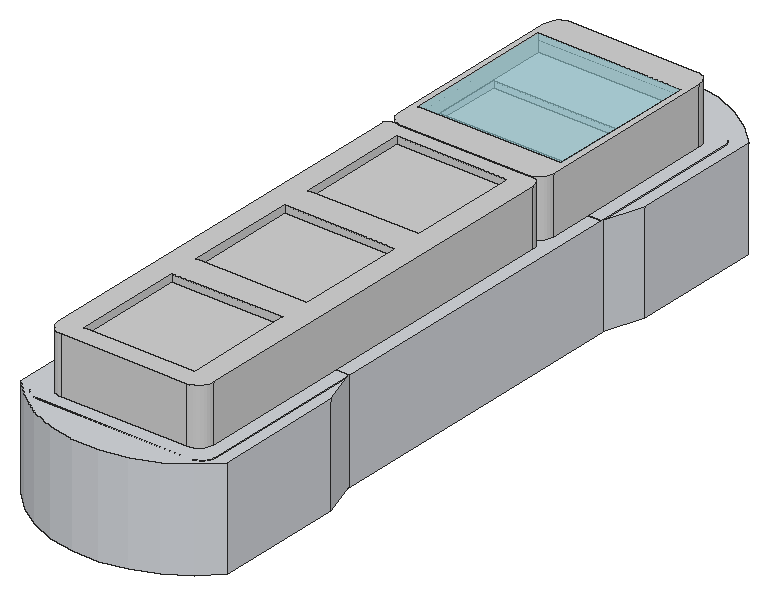
Revit family "Building-IEC309Boards-GEWISS-68QDIN-DISTRIBUTION-BOARD-5MOD-GUARD_3SOCKET-OUTLETS", category Apparecchi elettrici, host Superficie, Revit 2019
Family settings
  Host = Superficie
  Mantenere orientamento annotazione = Sì
  Quota connettore circolare = Usa diametro
  Tipo di parte = Normale
  Taglio con vuoti quando caricato = No
  Condiviso = No
  Punto di calcolo locali = Sì
Parameters (values of type "GW68031N - Q-DIN 5M.3 FLANGES S.O.16A CON CASE")
  visibilita posizionamento 2d [instance] = yes
  simbolo 2d [instance] = yes
  oggetto in pianta [instance] = not(visibilita posizionamento 2d)  # no
  distanza_simbolo [instance] = 0.1 mm
  bordo acceso [instance] = yes
  Visibilità sportello [instance] = yes
  Version type = "Empty"
  Version file RFA = "21.5"
  VETRO = Vetro
  URL = "https://www.gewiss.com/ww/en"
  Thermo-pressure with ball = "70 °C"
  Technical sheet = "https://www.gewiss.com/ww/en/search?q=GW68031N"
  Spostamento_effettivo_S [instance] = 4000 mm - Spostamento_S  # 3000 mm
  Spostamento_S = 1000 mm
  Simbolo_quadro [instance] = not(simbolo 2d)  # no
  Shock resistance = "IK08"
  STRUTTURA ALTA = Poche
  STRUTTURA = RAL - 7035
  SEO = "Board"
  Realized by GEWISS S.p.A. = ""
  Default Elevation = 1219.2 mm
  Produttore = "GEWISS S.p.A."
  PRESA = rosso
  POMELLO = bianco
  Operating temperature: = "-25 +40 °C"
  No. of provided blank lids = "1 IEC 16A"
  No. of modules EN 50022 = "5"
  N_Mooduli = 5 mm
  Modello = "GW68031N"
  L_Moduli = N_Mooduli * 19  # 95 mm
  Insulation class = "II"
  Installation type = "Surface-mounting"
  Immagine tipo = GW68031N.jpg
  IP degree = "IP65"
  IDT = "c65c050b-1fa2-494d-a6b9-4194fbcc741e"
  IDF = "176667f5-eead-46ec-b497-dfdc58379a65"
  Houseable socket = "3 IEC 309 16A IP44/67"
  Glow Wire Test = "650°C"
  Electrocod = "2242"
  EAN code = "8011564747555"
  Dispersible power B (W) = "37"
  Dispersible power A (W) = "10"
  Descrizione = "Q-DIN 5M.3 FLANGES S.O.16A CON CASE"
  DI_PIANO = 0 mm  # constant formula
  Colour = "Grey RAL 7035"
  Catalogue Range = "68 QDIN"
  Catalogue = "BUILDING"
  COBie.Tagnumber = ""
  COBie.CreatedOn = ""
  COBie.CreatebBy = ""
  COBie.ComponentRegisterItemID = ""
  COBie.Component.TagNumber = ""
  COBie.Component.Space = ""
  COBie.Component.SerialNumber = ""
  COBie.Component.InstallationDate = ""
  COBie.Component.Description = ""
  COBie.Component.BarCode = ""
  Accordance with Standards = "EN 60208 - EN 60670-1 - IEC 60670-24"
  Accessories supplied = "Complete with yellow shockproof rubber case"
Reference planes
  plane 1 "Centro (Fronte/Retro)": y = 0
  plane 2: z = 0
  plane 3 "Centro (Sinistra/Destra)": x = 0
  plane 4: x = -3000
  plane 5: x = 0
Forms (mm)
  Extrusion 1, solid, material "RAL - 7035" <- "STRUTTURA", detail levels coarse
    sketch origin (0, 0, 0) x (0, 1, 0) y (0, 0, 1)
      loop
        line (-9.4, 105.5) -> (-9.4, 0) -> (439.9, 0) -> (439.9, 105.5) -> (-9.4, 105.5)
    from -70.2 to 70.2
Lines and regions (mm)
  Masking region 1, visible <- "visibilita posizionamento 2d"
    outline origin (0, 0, 0) x (1, 0, 0) y (0, 0, 1)
      loop
        line (-52.5, 0) -> (52.5, 0) -> (52.5, 96) -> (-52.5, 96) -> (-52.5, 0)
Dimensions and locks
  plane 4 to plane 3 "Centro (Sinistra/Destra)" = 3000 mm
  "Spostamento_effettivo_S": plane 4 to plane 5
  aligned and locked: plane 2 to host face
  aligned and locked: level to host face
  aligned and locked: nested 1 to plane 5
  aligned and locked: nested 3 to plane 5
  aligned and locked: Extrusion 1 sketch curve to nested 2
  aligned and locked: nested 2 to plane 5
  aligned and locked: Extrusion 1 to nested 2  (x4)
  aligned and locked: Extrusion 1 to level
Automatic sketch dimensions
  host sketch curve to host sketch curve = 2438.4 mm  (x2)
  level to Extrusion 1 sketch curve = 0 mm
  plane 1 "Centro (Fronte/Retro)" to Extrusion 1 sketch curve = 9.4 mm
  Extrusion 1 sketch curve to plane 1 "Centro (Fronte/Retro)" = 439.9 mm
  Masking region 1 sketch curve to level = 0 mm
  Masking region 1 sketch curve to plane 3 "Centro (Sinistra/Destra)" = 52.5 mm
  plane 3 "Centro (Sinistra/Destra)" to Masking region 1 sketch curve = 52.5 mm
  Masking region 1 sketch curve to Masking region 1 sketch curve = 96 mm
Nested families
  nested 1: "CENTRALINO" at (0, 737.795, 0), BORDO ACCESO <- "bordo acceso", SIMBOLO ACCESO <- "simbolo 2d", Distanza dal muro <- "distanza_simbolo", visible <- "simbolo 2d", type "CENTRALINO"
    with SIMBOLO ACCESO yes, Distanza dal muro 0.1 mm, BORDO ACCESO yes
  nested 2: "BASE_68QDIN5 QUADRO DISTRIBUZ X 3 PRESE IND CUSTODIA" at (0, 287.5, 0), type "BASE_68QDIN5 QUADRO DISTRIBUZ X 3 PRESE IND CUSTODIA", detail levels medium+fine
    with n_moduli 95 mm, DI_PIANO 0 mm
  nested 3: "simb_CENTRALINO_BASE_cad pro" at (0, 737.795, 0), Distanza dal muro <- "distanza_simbolo", visible <- "Simbolo_quadro", SIMBOLO ACCESO <- "Simbolo_quadro", type "simb_CENTRALINO_BASE_cad pro"
    with SIMBOLO ACCESO no, Distanza dal muro 0.1 mm, BORDO ACCESO yes
Definition of nested family "BASE_68QDIN5 QUADRO DISTRIBUZ X 3 PRESE IND CUSTODIA"
  Parameters (values of type "BASE_68QDIN5 QUADRO DISTRIBUZ X 3 PRESE IND CUSTODIA")
    raggio prese = 25 mm
    n_moduli = 50 mm
    h_moduli = 45 mm
    Vetro = none
    Struttura = none
    Spessore = 96 mm
    Default Elevation = 14 mm
    Presa = none
    Lunghezza = 105 mm
    Larghezza = 105 mm
    IFC.TypeObject = ""
    IFC.ExportType = ""
    IFC.ExportAs = ""
    H_da terra = 589.057 mm
    DI_PIANO = 12.5 mm
    COBie.CreatedOn = ""
    COBie.CreatebBy = ""
    COBie.ComponentRegisterItemID = ""
    COBie.Component.TagNumber = ""
    COBie.Component.Space = ""
    COBie.Component.SerialNumber = ""
    COBie.Component.InstallationDate = ""
    COBie.Component.Description = ""
    COBie.Component.BarCode = ""
    Altezza scatole = 350 mm
    Altezza quadro = 150 mm
    Altezza = 258 mm
  Reference planes
    plane 1 "Centro (Fronte/Retro)": y = 0
    plane 2: z = 0
    plane 3 "Centro (Sinistra/Destra)": x = 0
    plane 4: z = 103.126
    plane 5: z = 118
    plane 6: x = -52.5
    plane 7: x = 52.5
    plane 8: x = -48.5
    plane 9: x = 48.5
    plane 10: y = 123.21
    plane 11: y = 21.246
    plane 12: y = 0
    plane 13: y = -105
    plane 14: y = -180
    plane 15: y = -85
    plane 16: y = -10
    plane 17: y = -287.5
    plane 18: y = 143
    plane 19: z = 113
    plane 20: y = 84
    plane 21: y = 39
    plane 22: x = -25
    plane 23: x = 25
    plane 24: z = 114.059
    plane 25: z = 118
    plane 26 "posizionamento moduli": z = 106.734
    plane 27: z = 102.558
    plane 28: y = 61.5
    plane 29: y = -200
    plane 30: y = -275
    plane 31: y = -237.5
    plane 32: y = -47.5
    plane 33: y = -142.5
    plane 34: z = 109.791
    plane 35: z = 80
    plane 36: x = -61.9
    plane 37: x = 61.9
    plane 38: y = 152.4
    plane 39: z = 12.5
    plane 40: x = -70.2
    plane 41: x = 70.2
  Forms (mm)
    Extrusion 1, solid, material <- "Struttura"
      sketch origin (0, -857.311, 0) x (1, 0, 0) y (0, 1, 0)
        loop
          arc (-42.5, 1000.311) -> (-49.571, 997.382) -> (-52.5, 990.311) r 10
          line (-52.5, 990.311) -> (-52.5, 867.311)
          arc (-52.5, 867.311) -> (-49.571, 860.24) -> (-42.5, 857.311) r 10
          line (-42.5, 857.311) -> (42.5, 857.311)
          arc (42.5, 857.311) -> (49.571, 860.24) -> (52.5, 867.311) r 10
          line (52.5, 867.311) -> (52.5, 990.311)
          arc (52.5, 990.311) -> (49.571, 997.382) -> (42.5, 1000.311) r 10
          line (42.5, 1000.311) -> (-42.5, 1000.311)
      from 80 to 118
    Extrusion 2, solid, material <- "Struttura"
      sketch origin (0, -857.311, 0) x (1, 0, 0) y (0, 1, 0)
        loop
          line (44.95, 857.311) -> (-48.88, 857.311)
          arc (-48.88, 857.311) -> (-51.44, 856.251) -> (-52.5, 853.691) r 3.62
          line (-52.5, 853.691) -> (-52.5, 579.811)
          arc (-52.5, 579.811) -> (-49.571, 572.74) -> (-42.5, 569.811) r 10
          line (-42.5, 569.811) -> (42.5, 569.811)
          arc (42.5, 569.811) -> (49.571, 572.74) -> (52.5, 579.811) r 10
          line (52.5, 579.811) -> (52.5, 849.76)
          arc (52.5, 849.76) -> (50.289, 855.099) -> (44.95, 857.311) r 7.55
      from 80 to 118
    Extrusion 3, void
      sketch origin (0, -857.311, 0) x (1, 0, 0) y (0, 1, 0)
        loop
          line (-48.5, 980.52) -> (-48.5, 878.557) -> (48.5, 878.557) -> (48.5, 980.52) -> (-48.5, 980.52)
      from 118 to 102.558
    Extrusion 4, solid, material <- "Vetro", detail levels fine
      sketch origin (0, -857.311, 0) x (1, 0, 0) y (0, 1, 0)
        loop
          line (-48.5, 980.52) -> (-48.5, 878.557) -> (48.5, 878.557) -> (48.5, 980.52) -> (-48.5, 980.52)
      from 114.059 to 118
    Extrusion 5, void
      sketch origin (0, -857.311, 0) x (1, 0, 0) y (0, 1, 0)
        loop
          line (-37.506, 847.311) -> (-37.506, 772.311) -> (37.506, 772.311) -> (37.506, 847.311) -> (-37.506, 847.311)
      from 113 to 118
    Extrusion 6, void
      sketch origin (0, -992.311, 0) x (1, 0, 0) y (0, 1, 0)
        loop
          line (-37.506, 887.311) -> (-37.506, 812.311) -> (37.506, 812.311) -> (37.506, 887.311) -> (-37.506, 887.311)
      from 113 to 118
    Extrusion 7, void
      sketch origin (0, 0, 0) x (1, 0, 0) y (0, 1, 0)
        loop
          line (-25, 39) -> (25, 39) -> (25, 84) -> (-25, 84) -> (-25, 39)
      from 102.558 to 106.734
    Extrusion 8, solid
      sketch origin (0, 0, 0) x (1, 0, 0) y (0, 1, 0)
        loop
          line (-48.5, 123.21) -> (-48.5, 21.246) -> (48.5, 21.246) -> (48.5, 123.21) -> (-48.5, 123.21)
      from 102.558 to 106.734
    Extrusion 9, void
      sketch origin (0, -1087.311, 0) x (1, 0, 0) y (0, 1, 0)
        loop
          line (-37.506, 887.311) -> (-37.506, 812.311) -> (37.506, 812.311) -> (37.506, 887.311) -> (-37.506, 887.311)
      from 113 to 118
    Extrusion 10, solid
      sketch origin (0, 0, 106.734) x (0, -1, 0) y (1, 0, 0)
        loop
          line (-152.4, 51.9) -> (-152.4, -51.9)
          arc (-152.4, -51.9) -> (-149.471, -58.971) -> (-142.4, -61.9) r 10
          line (-142.4, -61.9) -> (286.9, -61.9)
          arc (286.9, -61.9) -> (293.971, -58.971) -> (296.9, -51.9) r 10
          line (296.9, -51.9) -> (296.9, 51.9)
          arc (296.9, 51.9) -> (293.971, 58.971) -> (286.9, 61.9) r 10
          line (286.9, 61.9) -> (-142.4, 61.9)
          arc (-142.4, 61.9) -> (-149.471, 58.971) -> (-152.4, 51.9) r 10
      from -94.234 to -26.734
    Extrusion 11, solid
      sketch origin (0, 0, 106.734) x (0, -1, 0) y (1, 0, 0)
        loop
          line (-152.4, -70.2) -> (-65, -70.2) -> (-39, -61.568) -> (-39, 61.568) -> (-65, 70.2) -> (-152.4, 70.2)
          arc (-152.4, 70.2) -> (-185, 0) -> (-152.4, -70.2) r 91.883
      from -94.234 to -26.734
    Extrusion 12, solid
      sketch origin (0, -135.2, 106.734) x (0, 1, 0) y (-1, 0, 0)
        loop
          arc (-152.4, 70.2) -> (-185, 0) -> (-152.4, -70.2) r 91.883
          line (-152.4, -70.2) -> (-65, -70.2) -> (-39, -61.568) -> (-39, 61.568) -> (-65, 70.2) -> (-152.4, 70.2)
      from -94.234 to -26.734
  Cuts and joins
    Extrusion 3 cuts Extrusion 1
    Extrusion 5, Extrusion 6, Extrusion 9 cuts Extrusion 2
    Extrusion 7 cuts Extrusion 8
    Extrusion 7 cuts Extrusion 4
  Dimensions and locks
    locked: plane 6 to plane 8 at 4
    locked: plane 9 to plane 7 at 4
    equal spacing: plane 6, plane 3 "Centro (Sinistra/Destra)", plane 7
    "Larghezza": plane 6 to plane 7
    plane 12 to plane 16 = 10 mm
    locked: plane 15 to plane 13 at 20
    plane 16 to plane 15 = 75 mm
    plane 13 to plane 14 = 75 mm
    plane 1 "Centro (Fronte/Retro)" to plane 18 = 143 mm
    plane 17 to plane 12 = 287.5 mm
    plane 11 to plane 1 "Centro (Fronte/Retro)" = 21.246 mm
    plane 10 to plane 18 = 19.79 mm
    locked: plane 5 to plane 19 at 5
    locked: plane 18 to plane 20 at 59
    "h_moduli": plane 20 to plane 21
    equal spacing: plane 22, plane 3 "Centro (Sinistra/Destra)", plane 23
    "n_moduli": plane 22 to plane 23
    locked: plane 25 to plane 24 at 3.941
    locked: plane 24 to plane 26 "posizionamento moduli" at 7.325
    locked: plane 26 "posizionamento moduli" to plane 27 at 4.176
    equal spacing: plane 20, plane 28, plane 21
    locked: plane 14 to plane 29 at 20
    locked: plane 29 to plane 30 at 75
    locked: plane 19 to plane 34 at 3.209
    plane 17 to plane 18 = 430.5 mm
    locked: plane 5 to plane 35 at 38
    locked: plane 36 to plane 6 at 9.4
    locked: plane 7 to plane 37 at 9.4
    locked: plane 18 to plane 38 at 9.4
    locked: plane 35 to plane 39 at 67.5
    "DI_PIANO": plane 39 to level
    locked: plane 40 to plane 36 at 8.3
    locked: plane 37 to plane 41 at 8.3
    radius of Extrusion 2 sketch curve = 10 mm  (x2)
    radius of Extrusion 2 sketch curve = 3.62 mm
    radius of Extrusion 2 sketch curve = 7.55 mm
    radius of Extrusion 1 sketch curve = 10 mm  (x4)
    radius of Extrusion 10 sketch curve = 10 mm  (x4)
    angle plane 40 to plane 38 = 90.00°
    angle plane 9 to plane 21 = 90.00°
    angle plane 12 to plane 3 "Centro (Sinistra/Destra)" = 90.00°
    aligned and locked: level to plane 2
    aligned and locked: Extrusion 2 to plane 5
    aligned and locked: plane 6 to Extrusion 2 sketch curve
    aligned and locked: plane 7 to Extrusion 2 sketch curve
    aligned and locked: plane 7 to Extrusion 1 sketch curve
    aligned and locked: plane 6 to Extrusion 1 sketch curve
    aligned and locked: Extrusion 4 sketch curve to plane 8
    aligned and locked: Extrusion 4 sketch curve to plane 9
    aligned and locked: Extrusion 3 sketch curve to plane 8
    aligned and locked: Extrusion 3 sketch curve to plane 9
    aligned and locked: Extrusion 4 sketch curve to plane 10
    aligned and locked: plane 11 to Extrusion 4 sketch curve
    aligned and locked: Extrusion 3 sketch curve to plane 10
    aligned and locked: plane 11 to Extrusion 3 sketch curve
    aligned and locked: plane 12 to Extrusion 1 sketch curve
    aligned and locked: Extrusion 2 sketch curve to plane 12
    aligned and locked: plane 17 to Extrusion 2 sketch curve
    aligned and locked: Extrusion 5 to plane 15
    aligned and locked: plane 16 to Extrusion 5
    aligned and locked: plane 13 to Extrusion 6
    aligned and locked: plane 1 "Centro (Fronte/Retro)" to plane 12
    aligned and locked: plane 18 to Extrusion 1 sketch curve
    aligned and locked: Extrusion 6 to plane 14
    aligned and locked: Extrusion 6 to plane 19
    aligned and locked: Extrusion 6 to plane 5
    aligned and locked: Extrusion 5 to plane 19
    aligned and locked: Extrusion 5 to plane 5
    aligned and locked: Extrusion 7 sketch curve to plane 22
    aligned and locked: Extrusion 7 sketch curve to plane 20
    aligned and locked: Extrusion 7 sketch curve to plane 21
    aligned and locked: Extrusion 7 sketch curve to plane 23
    aligned and locked: plane 25 to cut or joined group of Extrusion 1, Extrusion 3
    aligned and locked: plane 26 "posizionamento moduli" to Extrusion 7
    aligned and locked: Extrusion 7 to plane 27
    aligned and locked: Extrusion 8 sketch curve to plane 10
    aligned and locked: Extrusion 8 sketch curve to plane 11
    aligned and locked: Extrusion 8 to plane 27
    aligned and locked: plane 26 "posizionamento moduli" to Extrusion 8
    aligned and locked: Extrusion 8 sketch curve to Extrusion 4  (x2)
    aligned and locked: cut or joined group of Extrusion 2, Extrusion 5, Extrusion 6, Extrusion 9 to plane 19
    aligned and locked: Extrusion 9 to plane 19
    aligned and locked: Extrusion 9 to plane 5
    aligned and locked: cut or joined group of Extrusion 4, Extrusion 7 to plane 24
    aligned and locked: plane 25 to cut or joined group of Extrusion 4, Extrusion 7
    aligned and locked: plane 25 to plane 5
    aligned and locked: cut or joined group of Extrusion 2, Extrusion 5, Extrusion 6, Extrusion 9 to plane 35
    aligned and locked: cut or joined group of Extrusion 1, Extrusion 3 to plane 35
    aligned and locked: Extrusion 10 sketch curve to plane 38
    aligned and locked: Extrusion 10 sketch curve to plane 36
    aligned and locked: Extrusion 10 sketch curve to plane 37
    aligned and locked: plane 35 to Extrusion 10
    aligned and locked: Extrusion 10 to plane 39
    aligned and locked: Extrusion 11 sketch curve to plane 40
    aligned and locked: Extrusion 11 sketch curve to plane 41
    aligned and locked: Extrusion 11 sketch curve to plane 21
    aligned and locked: Extrusion 11 to plane 39
    aligned and locked: plane 35 to Extrusion 11
    aligned and locked: Extrusion 1 to Extrusion 3
    aligned and locked: cut or joined group of Extrusion 1, Extrusion 3 to plane 27
  Automatic sketch dimensions
    Extrusion 5 sketch curve to plane 15 = 0 mm
    Extrusion 5 sketch curve to plane 16 = 0 mm
    Extrusion 5 sketch curve to plane 8 = 10.994 mm
    plane 9 to Extrusion 5 sketch curve = 10.994 mm
    Extrusion 6 sketch curve to plane 14 = 0 mm
    Extrusion 6 sketch curve to plane 13 = 0 mm
    Extrusion 6 sketch curve to plane 8 = 10.994 mm
    plane 9 to Extrusion 6 sketch curve = 10.994 mm
    Extrusion 9 sketch curve to plane 30 = 0 mm
    Extrusion 9 sketch curve to plane 29 = 0 mm
    Extrusion 9 sketch curve to plane 8 = 10.994 mm
    plane 9 to Extrusion 9 sketch curve = 10.994 mm
    Extrusion 10 sketch curve to plane 17 = 0.6 mm
    plane 38 to Extrusion 11 sketch curve = 0 mm  (x2)
    plane 20 to Extrusion 11 sketch curve = 9.117 mm
    Extrusion 11 sketch curve to plane 28 = 3.5 mm  (x2)
    plane 36 to Extrusion 11 sketch curve = 0.332 mm
    Extrusion 11 sketch curve to plane 37 = 0.332 mm
    Extrusion 12 sketch curve to plane 41 = 0 mm
    Extrusion 12 sketch curve to plane 40 = 0 mm
    Extrusion 12 sketch curve to plane 3 "Centro (Sinistra/Destra)" = 0 mm
    Extrusion 12 sketch curve to plane 17 = 0.1 mm
    plane 31 to Extrusion 12 sketch curve = 9.183 mm
    plane 29 to Extrusion 12 sketch curve = 0.2 mm  (x2)
    Extrusion 12 sketch curve to plane 36 = 0.332 mm
    Extrusion 12 sketch curve to plane 14 = 5.8 mm
    plane 37 to Extrusion 12 sketch curve = 0.332 mm
Definition of nested family "CENTRALINO"
  Parameters (values of type "CENTRALINO")
    SIMBOLO ACCESO [instance] = yes
    Distanza dal muro [instance] = 0 mm
    BORDO ACCESO [instance] = yes
  Reference planes
    plane 1: y = 0
    plane 2: x = 0
  Dimensions and locks
    "Distanza dal muro": plane 1 to nested 1
    aligned and locked: plane 2 to nested 1
  Nested families
    nested 1: "CENTRALINO_BASE" at (0, 0, 0), BORDO ACCESO <- "BORDO ACCESO", visible <- "SIMBOLO ACCESO", type "CENTRALINO"
      with BORDO ACCESO yes
  Definition of nested family "CENTRALINO_BASE"
    Parameters (values of type "CENTRALINO")
      Distanza dal muro = 0 mm
      BORDO ACCESO [instance] = yes
    Reference planes
      plane 1: y = 0
      plane 2: x = 0
    Lines and regions (mm)
      detail lines, visible <- "BORDO ACCESO", not visible
        curve 1: line (-2.443, 10.208, 0) -> (2.057, 10.208, 0)
        curve 2: line (2.057, 10.208, 0) -> (2.057, 4.208, 0)
        curve 3: line (2.057, 4.208, 0) -> (-2.443, 4.208, 0)
        curve 4: line (-2.443, 4.208, 0) -> (-2.443, 10.208, 0)
        curve 5: line (-2.043, 9.808, 0) -> (1.657, 9.808, 0)
        curve 6: line (1.657, 9.808, 0) -> (1.657, 4.608, 0)
        curve 7: line (1.657, 4.608, 0) -> (-2.043, 4.608, 0)
        curve 8: line (-2.043, 4.608, 0) -> (-2.043, 9.808, 0)
      detail lines
        curve 9: line (0, 0.671, 0) -> (0, 0, 0)
        curve 10: line (0.659, 0.671, 0) -> (0.659, 1.33, 0)
        curve 11: line (0.659, 1.33, 0) -> (-0.659, 1.33, 0)
        curve 12: line (-0.659, 1.33, 0) -> (-0.659, 0.671, 0)
        curve 13: line (-0.659, 0.671, 0) -> (0.659, 0.671, 0)
        curve 14: line (0.497, 1.33, 0) -> (0.497, 2, 0)
        curve 15: line (0.167, 1.33, 0) -> (0.167, 2, 0)
        curve 16: line (-0.162, 1.33, 0) -> (-0.162, 2, 0)
        curve 17: line (-0.491, 1.33, 0) -> (-0.491, 2, 0)
Definition of nested family "simb_CENTRALINO_BASE_cad pro"
  Parameters (values of type "simb_CENTRALINO_BASE_cad pro")
    SIMBOLO ACCESO [instance] = yes
    Distanza dal muro [instance] = 0 mm
    BORDO ACCESO [instance] = yes
  Reference planes
    plane 1: y = 0
    plane 2: x = 0
  Dimensions and locks
    "Distanza dal muro": plane 1 to nested 1
    aligned and locked: plane 2 to nested 1
  Nested families
    nested 1: "CENTRALINO_BASE_cad pro" at (0, 0, 0), type "CENTRALINO"
  Definition of nested family "CENTRALINO_BASE_cad pro"
    Parameters (values of type "CENTRALINO")
      Distanza dal muro = 0 mm
    Reference planes
      plane 1: y = 0
      plane 2: x = 0
    Lines and regions (mm)
      detail lines
        curve 1: line (1.33, 1.33, 0) -> (2.109, 1.33, 0)
        curve 2: line (2.109, 1.33, 0) -> (2.109, 0, 0)
        curve 3: line (2.109, 0, 0) -> (1.33, 0, 0)
        curve 4: line (1.33, 0, 0) -> (-1.33, 1.33, 0)
        curve 5: line (-1.33, 1.33, 0) -> (1.33, 1.33, 0)
        curve 6: line (1.33, 1.33, 0) -> (1.33, 0, 0)
        curve 7: line (1.33, 0, 0) -> (-1.33, 0, 0)
        curve 8: line (-1.33, 0, 0) -> (-1.33, 1.33, 0)
        curve 9: line (1.461, 0.665, 0) -> (1.977, 0.665, 0)
        curve 10: line (1.719, 0.665, 0) -> (1.719, 1.01, 0)
        curve 11: arc (1.977, 0.406, 0) -> (1.719, 0.665, 0) -> (1.461, 0.406, 0) r 0.258
